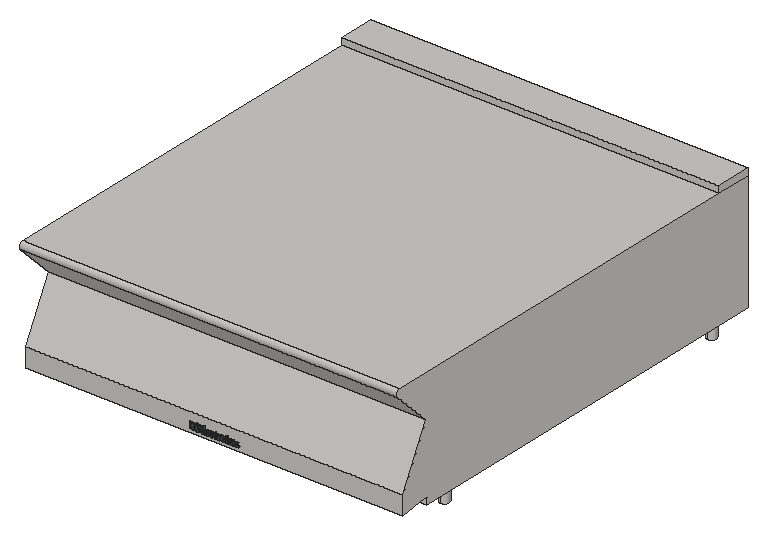
Revit family "QF_ELECTROLUXPROFESSIONAL_391547_E9SSAGAOMEE", category Specialty Equipment, Revit 2018
Family settings
  Round Connector Dimension = Use Diameter
  Part Type = Normal
  Work Plane-Based = No
  Always vertical = Yes
  Cut with Voids When Loaded = No
  Shared = No
  Room Calculation Point = No
Parameters (values of type "Standard")
  Weight = 32.00 kg
  Watts = 0 W
  Volts = 0 V
  URL Manufacturer = "http://professional.electrolux.com"
  URL = "http://professional.electrolux.com"
  Steam Supply Size = 0"
  Steam Supply Minimum Pressure = 0.00 psi
  Steam Supply Maximum Pressure = 0.00 psi
  Steam Pounds per Hour = 0
  Show Logo [instance] = yes
  Refrigeration Suction Line Size = 0 mm
  Refrigeration Liquid Line Size = 0 mm
  Refrigerant Compressor Remote = yes
  Phase = 0
  Model = "E9SSAGAOMEE"
  Manufacturer = "Electrolux Professional"
  Length Actual = 800 mm  # constant formula
  Item Number = "391547"
  Hot Water Size = 0"
  Height Actual = 250 mm  # constant formula
  HP = "0 HP"
  Gas Size = 0"
  Gas KW = 0
  Gas Input Pressure = 0.0 Btu/h
  Direct Waste Size = 0"
  Description = "WORKTOP 800 MM 3 MM WORKTOP"
  Depth Actual = 930 mm  # constant formula
  Cycle = 0 Hz
  Condensate Return Size = 0"
  Compressed Air Volume = 0 GPM
  Compressed Air Size = 0"
  Compressed Air Pressure = 0.00 psi
  Cold Water Size = 0"
  Accessory = yes
Reference planes
  plane 1 "BACK": y = 0
  plane 2: z = 0
  plane 3 "LEFT": x = 0
  plane 4 "RIGHT": x = 800
  plane 5 "FRONT": y = -930
  plane 6 "TOP": z = 274.638
  plane 7 "Center Y": x = 400
  plane 8 "Center X": y = -465
  plane 9: z = 24
  plane 10: z = 289
  plane 11: y = -82
  plane 12: y = -790
Forms (mm)
  Extrusion 1, solid, material "QF_Finishes_Stainless Steel"
    sketch origin (0, 0, 0) x (0, 1, 0) y (0, 0, 1)
      loop
        line (0, 24) -> (0, 274.637) -> (-921.37, 274.638)
        arc (-921.37, 274.638) -> (-929.343, 269.31) -> (-927.472, 259.906) r 8.63
        line (-927.472, 259.906) -> (-853.91, 186.343) -> (-914.833, 70.673) -> (-914.833, 30.491) -> (-855.71, 38.8)
        arc (-855.71, 38.8) -> (-853.185, 38.052) -> (-852.093, 35.656) r 3.175
        line (-852.093, 35.656) -> (-852.093, 24) -> (0, 24)
    from 0 to 800
  Extrusion 2, solid, material "QF_Finishes_Stainless Steel"
    sketch origin (0, -199.871, 0) x (1, 0, 0) y (0, 1, 0)
      loop
        circle (11.112, 117.871) r 9.525
      loop
        circle (788.888, 117.871) r 9.525
      loop
        circle (11.112, -590.129) r 9.525
      loop
        circle (788.888, -590.129) r 9.525
    from 0 to 23.812
  Extrusion 3, solid, material "QF_Finishes_Stainless Steel"
    sketch origin (0, -199.871, 0) x (0, 1, 0) y (0, 0, 1)
      loop
        line (199.871, 274.638) -> (199.871, 289) -> (123.671, 289) -> (123.671, 274.638) -> (199.871, 274.638)
    from 0 to 800
  Extrusion 4, solid, material "QF_Finishes_Navy Blue", visible <- "Show Logo"
    sketch origin (0, -914.833, 30.491) x (0, 0, 1) y (-1, 0, 0)
      loop
        line (21.086, -357.439) -> (8.72, -357.439)
        arc (8.72, -357.439) -> (14.903, -362.01) -> (21.086, -357.439) r 6.467
      loop
        arc (21.086, -356.81) -> (19.917, -351.667) -> (15.261, -349.189) r 6.338
        line (15.261, -349.189) -> (15.261, -351.235)
        arc (15.261, -351.235) -> (16.745, -354.89) -> (20.191, -356.81) r 5.941
        line (20.191, -356.81) -> (21.086, -356.81)
      loop
        arc (9.615, -356.81) -> (13.061, -354.89) -> (14.544, -351.235) r 5.941
        line (14.544, -351.235) -> (14.544, -349.189)
        arc (14.544, -349.189) -> (9.85, -351.663) -> (8.561, -356.81) r 6.504
        line (8.561, -356.81) -> (9.615, -356.81)
      loop
        line (21.761, -348.72) -> (8.017, -348.72) -> (8.017, -362.483) -> (21.761, -362.483) -> (21.761, -348.72)
      loop
        arc (21.845, -365.45) -> (21.497, -365.093) -> (21.13, -365.431) r 0.358
        arc (21.13, -365.431) -> (20.816, -366.181) -> (20.099, -366.566) r 1.216
        line (20.099, -366.566) -> (9.686, -366.566)
        arc (9.686, -366.566) -> (9.026, -366.288) -> (8.63, -365.692) r 1.238
        arc (8.63, -365.692) -> (8.236, -365.441) -> (7.93, -365.795) r 0.358
        line (7.93, -365.795) -> (7.93, -375.674) -> (10.681, -375.674) -> (10.681, -374.777)
        arc (10.681, -374.777) -> (9.772, -374.197) -> (9.316, -373.22) r 1.928
        line (9.316, -373.22) -> (9.316, -370.721)
        arc (9.316, -370.721) -> (9.592, -369.992) -> (10.281, -369.628) r 1.101
        line (10.281, -369.628) -> (14.367, -369.628) -> (14.367, -373.301)
        arc (14.367, -373.301) -> (14.014, -373.798) -> (13.449, -374.026) r 1.083
        arc (13.449, -374.026) -> (13.186, -374.332) -> (13.478, -374.61) r 0.292
        line (13.478, -374.61) -> (16.44, -374.61)
        arc (16.44, -374.61) -> (16.743, -374.337) -> (16.504, -374.007) r 0.305
        arc (16.504, -374.007) -> (16.014, -373.759) -> (15.709, -373.301) r 1.083
        line (15.709, -373.301) -> (15.709, -369.628) -> (20.386, -369.628) -> (20.386, -373.375)
        arc (20.386, -373.375) -> (20.172, -374.131) -> (19.565, -374.629) r 1.314
        arc (19.565, -374.629) -> (19.346, -375.033) -> (19.7, -375.325) r 0.361
        line (19.7, -375.325) -> (21.845, -375.325) -> (21.845, -365.45)
      loop
        arc (21.127, -376.106) -> (20.747, -377.024) -> (19.828, -377.405) r 1.299
        line (19.828, -377.405) -> (10.249, -377.405)
        arc (10.249, -377.405) -> (9.412, -377.027) -> (9.14, -376.149) r 1.118
        line (9.14, -376.149) -> (7.93, -376.149) -> (7.93, -381.499) -> (9.119, -381.499)
        arc (9.119, -381.499) -> (9.39, -380.582) -> (10.26, -380.186) r 1.153
        line (10.26, -380.186) -> (22.332, -380.186) -> (21.127, -376.106)
      loop
        line (12.895, -384.135) -> (12.895, -390.582) -> (13.694, -390.582)
        arc (13.694, -390.582) -> (16.275, -389.598) -> (17.543, -387.144) r 3.874
        line (17.543, -387.144) -> (17.543, -385.384)
        arc (17.543, -385.384) -> (16.357, -382.519) -> (13.492, -381.333) r 4.051
        line (13.492, -381.333) -> (11.484, -381.333)
        arc (11.484, -381.333) -> (8.666, -382.818) -> (7.614, -385.825) r 4.352
        arc (7.614, -385.825) -> (7.978, -388.288) -> (9.356, -390.362) r 5.713
        line (9.356, -390.362) -> (10.305, -390.362)
        arc (10.305, -390.362) -> (9.572, -388.793) -> (9.356, -387.075) r 5.579
        arc (9.356, -387.075) -> (10.15, -385.112) -> (12.029, -384.135) r 3.057
        line (12.029, -384.135) -> (12.895, -384.135)
      loop
        line (14.154, -384.135) -> (14.154, -387.717)
        arc (14.154, -387.717) -> (15.611, -387.764) -> (16.494, -386.605) r 1.59
        line (16.494, -386.605) -> (16.494, -385.775)
        arc (16.494, -385.775) -> (15.63, -384.52) -> (14.154, -384.135) r 2.184
      loop
        arc (16.945, -400) -> (17.434, -398.326) -> (17.592, -396.589) r 9.023
        line (17.592, -396.589) -> (17.592, -395.226)
        arc (17.592, -395.226) -> (16.432, -392.427) -> (13.633, -391.267) r 3.959
        line (13.633, -391.267) -> (11.032, -391.267)
        arc (11.032, -391.267) -> (8.751, -392.56) -> (7.633, -394.933) r 4.331
        line (7.633, -394.933) -> (7.633, -397.068)
        arc (7.633, -397.068) -> (8.141, -398.618) -> (9.063, -399.964) r 5.772
        arc (9.063, -399.964) -> (9.825, -400.015) -> (9.911, -399.256) r 0.553
        arc (9.911, -399.256) -> (9.523, -398.522) -> (9.389, -397.703) r 2.573
        line (9.389, -397.703) -> (9.389, -396.188)
        arc (9.389, -396.188) -> (10.395, -394.546) -> (12.21, -393.904) r 2.884
        line (12.21, -393.904) -> (13.489, -393.904)
        arc (13.489, -393.904) -> (15.31, -394.464) -> (16.236, -396.129) r 2.554
        line (16.236, -396.129) -> (16.236, -397.182)
        arc (16.236, -397.182) -> (15.905, -398.11) -> (15.248, -398.845) r 2.564
        arc (15.248, -398.845) -> (15.026, -399.562) -> (15.636, -400) r 0.643
        line (15.636, -400) -> (16.945, -400)
      loop
        line (15.927, -400.27) -> (15.927, -401.771) -> (9.879, -401.771)
        arc (9.879, -401.771) -> (8.291, -402.429) -> (7.633, -404.017) r 2.246
        line (7.633, -404.017) -> (7.633, -405.601)
        arc (7.633, -405.601) -> (7.947, -406.465) -> (8.448, -407.237) r 4.06
        arc (8.448, -407.237) -> (9.18, -407.37) -> (9.431, -406.669) r 0.576
        arc (9.431, -406.669) -> (9.325, -406.143) -> (9.389, -405.611) r 1.69
        arc (9.389, -405.611) -> (9.931, -404.823) -> (10.837, -404.52) r 1.506
        line (10.837, -404.52) -> (15.975, -404.52) -> (15.975, -406.917) -> (16.532, -407.473) -> (17.353, -407.473) -> (17.353, -404.614) -> (20.585, -404.614) -> (15.927, -400.27)
      loop
        line (7.851, -408.371) -> (7.851, -413.758) -> (8.961, -413.758)
        arc (8.961, -413.758) -> (9.355, -412.807) -> (10.306, -412.413) r 1.345
        line (10.306, -412.413) -> (13.922, -412.413)
        arc (13.922, -412.413) -> (14.686, -413.005) -> (14.976, -413.927) r 1.615
        line (14.976, -413.927) -> (14.976, -415.483) -> (17.532, -416.168) -> (17.532, -414.785) -> (15.589, -412.226) -> (17.469, -412.226) -> (17.185, -409.52)
        arc (17.185, -409.52) -> (16.745, -408.99) -> (16.087, -409.191) r 0.621
        arc (16.087, -409.191) -> (15.686, -409.533) -> (15.192, -409.716) r 1.501
        line (15.192, -409.716) -> (10.306, -409.716)
        arc (10.306, -409.716) -> (9.355, -409.322) -> (8.961, -408.371) r 1.345
        line (8.961, -408.371) -> (7.851, -408.371)
      loop
        line (13.952, -415.705) -> (11.26, -415.705)
        arc (11.26, -415.705) -> (8.815, -417.013) -> (7.681, -419.543) r 4.288
        arc (7.681, -419.543) -> (7.617, -420.924) -> (7.681, -422.304) r 15.022
        arc (7.681, -422.304) -> (8.815, -424.835) -> (11.26, -426.142) r 4.288
        line (11.26, -426.142) -> (13.952, -426.142)
        arc (13.952, -426.142) -> (16.398, -424.835) -> (17.532, -422.304) r 4.288
        arc (17.532, -422.304) -> (17.595, -420.924) -> (17.532, -419.543) r 15.022
        arc (17.532, -419.543) -> (16.398, -417.013) -> (13.952, -415.705) r 4.288
      loop
        line (14.157, -418.819) -> (11.056, -418.819)
        arc (11.056, -418.819) -> (8.899, -420.976) -> (11.056, -423.133) r 2.157
        line (11.056, -423.133) -> (14.157, -423.133)
        arc (14.157, -423.133) -> (16.314, -420.976) -> (14.157, -418.819) r 2.157
      loop
        arc (21.138, -426) -> (20.768, -426.894) -> (19.874, -427.265) r 1.264
        line (19.874, -427.265) -> (10.009, -427.265)
        arc (10.009, -427.265) -> (9.139, -426.868) -> (8.868, -425.952) r 1.153
        line (8.868, -425.952) -> (7.93, -425.952) -> (7.93, -431.06) -> (8.858, -431.06)
        arc (8.858, -431.06) -> (9.218, -430.288) -> (10.009, -429.973) r 1.153
        line (10.009, -429.973) -> (22.332, -429.973) -> (21.138, -426)
      loop
        arc (16.258, -430.597) -> (16.059, -431.662) -> (15.09, -432.144) r 1.215
        line (15.09, -432.144) -> (10.07, -432.144)
        arc (10.07, -432.144) -> (8.455, -432.791) -> (7.735, -434.374) r 2.338
        line (7.735, -434.374) -> (7.735, -435.889)
        arc (7.735, -435.889) -> (7.909, -436.893) -> (8.412, -437.779) r 2.979
        line (8.412, -437.779) -> (7.93, -439.576) -> (7.93, -441.264) -> (17.356, -441.264) -> (17.062, -437.061) -> (16.275, -437.061)
        arc (16.275, -437.061) -> (15.92, -437.897) -> (15.167, -438.406) r 1.605
        line (15.167, -438.406) -> (10.064, -438.406)
        arc (10.064, -438.406) -> (9.644, -437.469) -> (9.571, -436.445) r 2.94
        arc (9.571, -436.445) -> (10.132, -435.344) -> (11.286, -434.901) r 1.724
        line (11.286, -434.901) -> (17.482, -434.901) -> (16.258, -430.597)
      loop
        line (17.287, -442.118) -> (15.614, -444.164) -> (12.44, -446.47) -> (8.984, -443.358)
        arc (8.984, -443.358) -> (8.747, -442.964) -> (8.769, -442.505) r 0.789
        line (8.769, -442.505) -> (7.93, -442.505) -> (7.93, -446.05) -> (8.756, -446.05)
        arc (8.756, -446.05) -> (9.099, -445.688) -> (9.589, -445.78) r 0.52
        line (9.589, -445.78) -> (11.389, -447.251) -> (9.27, -448.626)
        arc (9.27, -448.626) -> (8.869, -448.316) -> (8.782, -447.817) r 0.7
        line (8.782, -447.817) -> (7.93, -447.817) -> (7.93, -453.744) -> (8.817, -453.744)
        arc (8.817, -453.744) -> (8.884, -453.085) -> (9.279, -452.553) r 1.247
        line (9.279, -452.553) -> (13.478, -449.272) -> (15.925, -451.326) -> (17.287, -453.068) -> (17.287, -449.344) -> (15.801, -449.767) -> (14.28, -448.49) -> (15.98, -447.3) -> (17.287, -448.076) -> (17.287, -442.118)
    from 0 to 1.644
Lines and regions (mm)
  symbolic lines
    curve 1: line (0, -930, 0) -> (800, -930, 0)
    curve 2: line (0, 0, 0) -> (0, -930, 0)
    curve 3: line (800, 0, 0) -> (0, 0, 0)
    curve 4: line (800, -930, 0) -> (800, 0, 0)
    curve 5: line (0, -76.2, 0) -> (800, -76.2, 0)
    curve 6: line (0, -923.65, 0) -> (800, -923.65, 0)
Dimensions and locks
  equal spacing: plane 3 "LEFT", plane 7 "Center Y", plane 4 "RIGHT"
  plane 3 "LEFT" to plane 4 "RIGHT" = 800 mm
  equal spacing: plane 5 "FRONT", plane 8 "Center X", plane 1 "BACK"
  plane 5 "FRONT" to plane 1 "BACK" = 930 mm
  plane 10 to level = 289 mm
  plane 9 to level = 24 mm
  Extrusion 1 to plane 9 = 250.637 mm
  plane 9 to plane 2 = 24 mm
  plane 11 to plane 1 "BACK" = 82 mm
  plane 12 to plane 11 = 708 mm
  Extrusion 1 to plane 12 = 124.833 mm
  Extrusion 1 to plane 1 "BACK" = 914.833 mm
  aligned and locked: level to plane 2
  aligned and locked: Extrusion 3 to Extrusion 1
Automatic sketch dimensions
  curve 5 to plane 3 "LEFT" = 0 mm
  plane 1 "BACK" to curve 2 = 0 mm
  curve 6 to plane 4 "RIGHT" = 0 mm
  curve 5 to curve 3 = 76.2 mm
  curve 6 to plane 5 "FRONT" = 6.35 mm
  curve 2 to curve 6 = 6.35 mm
  Extrusion 2 sketch curve to Extrusion 2 sketch curve = 0 mm  (x8)
  plane 3 "LEFT" to Extrusion 2 sketch curve = 11.112 mm  (x2)
  Extrusion 2 sketch curve to plane 4 "RIGHT" = 11.112 mm  (x2)
  Extrusion 2 sketch curve to plane 8 "Center X" = 334.525 mm  (x2)
  Extrusion 2 sketch curve to Extrusion 2 sketch curve = 9.525 mm  (x4)
  plane 1 "BACK" to Extrusion 2 sketch curve = 91.525 mm  (x2)
  Extrusion 3 sketch curve to plane 6 "TOP" = 0 mm
  plane 1 "BACK" to Extrusion 3 sketch curve = 0 mm
  Extrusion 3 sketch curve to plane 10 = 0 mm
  plane 1 "BACK" to Extrusion 3 sketch curve = 76.2 mm
  Extrusion 1 sketch curve to plane 6 "TOP" = 0 mm
  Extrusion 1 sketch curve to plane 9 = 0 mm
  Extrusion 1 sketch curve to plane 1 "BACK" = 0 mm
  plane 9 to Extrusion 1 sketch curve = 11.656 mm
  Extrusion 1 sketch curve to plane 12 = 62.093 mm
  Extrusion 1 sketch curve to plane 12 = 63.91 mm
  Extrusion 1 sketch curve to Extrusion 1 sketch curve = 3.175 mm
  Extrusion 1 sketch curve to Extrusion 1 sketch curve = 0.442 mm
  Extrusion 1 sketch curve to plane 5 "FRONT" = 15.167 mm
  Extrusion 1 sketch curve to plane 5 "FRONT" = 8.63 mm
  Extrusion 1 sketch curve to plane 5 "FRONT" = 2.528 mm
  plane 9 to Extrusion 1 sketch curve = 6.491 mm
  Extrusion 1 sketch curve to Extrusion 1 sketch curve = 40.183 mm
  Extrusion 1 sketch curve to plane 6 "TOP" = 88.295 mm
  Extrusion 1 sketch curve to plane 6 "TOP" = 14.732 mm
  Extrusion 4 sketch curve to plane 7 "Center Y" = 0 mm
  plane 9 to Extrusion 4 sketch curve = 9.063 mm
  plane 9 to Extrusion 4 sketch curve = 14.104 mm
  plane 7 "Center Y" to Extrusion 4 sketch curve = 5.601 mm
  plane 9 to Extrusion 4 sketch curve = 14.124 mm
  Extrusion 4 sketch curve to Extrusion 4 sketch curve = 0 mm  (x28)
  Extrusion 4 sketch curve to Extrusion 4 sketch curve = 5.108 mm  (x2)
  Extrusion 4 sketch curve to Extrusion 4 sketch curve = 0.054 mm
  Extrusion 4 sketch curve to Extrusion 4 sketch curve = 0.218 mm
  Extrusion 4 sketch curve to Extrusion 4 sketch curve = 0.195 mm
  Extrusion 4 sketch curve to Extrusion 4 sketch curve = 0.249 mm
  plane 9 to Extrusion 4 sketch curve = 14.421 mm
  Extrusion 4 sketch curve to Extrusion 4 sketch curve = 0.087 mm
  Extrusion 4 sketch curve to Extrusion 4 sketch curve = 0.358 mm
  Extrusion 4 sketch curve to Extrusion 4 sketch curve = 0.481 mm
  Extrusion 4 sketch curve to Extrusion 4 sketch curve = 0.597 mm
  Extrusion 4 sketch curve to Extrusion 4 sketch curve = 0.544 mm
  Extrusion 4 sketch curve to Extrusion 4 sketch curve = 0.936 mm
  Extrusion 4 sketch curve to Extrusion 4 sketch curve = 0.594 mm
  Extrusion 4 sketch curve to Extrusion 4 sketch curve = 0.343 mm
  Extrusion 4 sketch curve to Extrusion 4 sketch curve = 0.159 mm
  Extrusion 4 sketch curve to Extrusion 4 sketch curve = 0.826 mm
  Extrusion 4 sketch curve to Extrusion 4 sketch curve = 0.839 mm
  Extrusion 4 sketch curve to Extrusion 4 sketch curve = 0.852 mm
  Extrusion 4 sketch curve to Extrusion 4 sketch curve = 0.887 mm
  Extrusion 4 sketch curve to Extrusion 4 sketch curve = 0.928 mm
  Extrusion 4 sketch curve to Extrusion 4 sketch curve = 0.938 mm
  Extrusion 4 sketch curve to Extrusion 4 sketch curve = 0.444 mm
  Extrusion 4 sketch curve to Extrusion 4 sketch curve = 1.11 mm  (x3)
  Extrusion 4 sketch curve to Extrusion 4 sketch curve = 0.215 mm
  Extrusion 4 sketch curve to plane 7 "Center Y" = 0.036 mm
  Extrusion 4 sketch curve to Extrusion 4 sketch curve = 1.43 mm
  Extrusion 4 sketch curve to Extrusion 4 sketch curve = 1.188 mm
  Extrusion 4 sketch curve to Extrusion 4 sketch curve = 1.21 mm  (x2)
  Extrusion 4 sketch curve to Extrusion 4 sketch curve = 0.503 mm
  Extrusion 4 sketch curve to Extrusion 4 sketch curve = 0.488 mm
  Extrusion 4 sketch curve to Extrusion 4 sketch curve = 0.462 mm
  Extrusion 4 sketch curve to Extrusion 4 sketch curve = 1.386 mm
  Extrusion 4 sketch curve to Extrusion 4 sketch curve = 1.742 mm  (x2)
  Extrusion 4 sketch curve to Extrusion 4 sketch curve = 0.821 mm
  Extrusion 4 sketch curve to Extrusion 4 sketch curve = 0.497 mm
  Extrusion 4 sketch curve to Extrusion 4 sketch curve = 0.539 mm
  Extrusion 4 sketch curve to Extrusion 4 sketch curve = 0.686 mm
  Extrusion 4 sketch curve to plane 7 "Center Y" = 0.41 mm
  Extrusion 4 sketch curve to Extrusion 4 sketch curve = 0.408 mm
  Extrusion 4 sketch curve to Extrusion 4 sketch curve = 0.528 mm
  Extrusion 4 sketch curve to Extrusion 4 sketch curve = 1.16 mm
  Extrusion 4 sketch curve to Extrusion 4 sketch curve = 0.329 mm
  Extrusion 4 sketch curve to Extrusion 4 sketch curve = 1.054 mm
  Extrusion 4 sketch curve to Extrusion 4 sketch curve = 1.056 mm
  Extrusion 4 sketch curve to Extrusion 4 sketch curve = 1.185 mm
  Extrusion 4 sketch curve to Extrusion 4 sketch curve = 0.489 mm
  Extrusion 4 sketch curve to Extrusion 4 sketch curve = 0.441 mm
  Extrusion 4 sketch curve to Extrusion 4 sketch curve = 1.151 mm
  Extrusion 4 sketch curve to Extrusion 4 sketch curve = 1.141 mm  (x2)
  Extrusion 4 sketch curve to Extrusion 4 sketch curve = 0.768 mm
  Extrusion 4 sketch curve to Extrusion 4 sketch curve = 1.653 mm
  Extrusion 4 sketch curve to Extrusion 4 sketch curve = 0.499 mm
  Extrusion 4 sketch curve to Extrusion 4 sketch curve = 0.964 mm
  Extrusion 4 sketch curve to Extrusion 4 sketch curve = 0.949 mm
  Extrusion 4 sketch curve to Extrusion 4 sketch curve = 1.345 mm  (x2)
  Extrusion 4 sketch curve to Extrusion 4 sketch curve = 1.101 mm
  Extrusion 4 sketch curve to Extrusion 4 sketch curve = 0.432 mm
  Extrusion 4 sketch curve to Extrusion 4 sketch curve = 1.142 mm
  Extrusion 4 sketch curve to Extrusion 4 sketch curve = 0.959 mm
  Extrusion 4 sketch curve to Extrusion 4 sketch curve = 0.176 mm
  Extrusion 4 sketch curve to Extrusion 4 sketch curve = 0.728 mm
  Extrusion 4 sketch curve to Extrusion 4 sketch curve = 3.375 mm  (x2)
  Extrusion 4 sketch curve to Extrusion 4 sketch curve = 1.905 mm
  Extrusion 4 sketch curve to Extrusion 4 sketch curve = 0.955 mm
  Extrusion 4 sketch curve to Extrusion 4 sketch curve = 1.251 mm
  Extrusion 4 sketch curve to Extrusion 4 sketch curve = 0.572 mm
  Extrusion 4 sketch curve to Extrusion 4 sketch curve = 1.92 mm
  Extrusion 4 sketch curve to Extrusion 4 sketch curve = 1.224 mm
  Extrusion 4 sketch curve to Extrusion 4 sketch curve = 0.745 mm
  Extrusion 4 sketch curve to Extrusion 4 sketch curve = 0.036 mm
  Extrusion 4 sketch curve to Extrusion 4 sketch curve = 0.896 mm  (x3)
  Extrusion 4 sketch curve to Extrusion 4 sketch curve = 2.607 mm
  Extrusion 4 sketch curve to Extrusion 4 sketch curve = 0.066 mm
  Extrusion 4 sketch curve to Extrusion 4 sketch curve = 0.248 mm
  Extrusion 4 sketch curve to Extrusion 4 sketch curve = 0.449 mm
  Extrusion 4 sketch curve to Extrusion 4 sketch curve = 1.052 mm
  Extrusion 4 sketch curve to Extrusion 4 sketch curve = 1.863 mm
  Extrusion 4 sketch curve to Extrusion 4 sketch curve = 1.31 mm  (x2)
  Extrusion 4 sketch curve to Extrusion 4 sketch curve = 0.901 mm
  Extrusion 4 sketch curve to Extrusion 4 sketch curve = 1.107 mm
  Extrusion 4 sketch curve to Extrusion 4 sketch curve = 2.122 mm
  Extrusion 4 sketch curve to Extrusion 4 sketch curve = 2.101 mm
  Extrusion 4 sketch curve to Extrusion 4 sketch curve = 0.106 mm
  Extrusion 4 sketch curve to Extrusion 4 sketch curve = 0.029 mm
  Extrusion 4 sketch curve to Extrusion 4 sketch curve = 2.09 mm
  Extrusion 4 sketch curve to Extrusion 4 sketch curve = 1.279 mm
  Extrusion 4 sketch curve to Extrusion 4 sketch curve = 2.008 mm
  Extrusion 4 sketch curve to Extrusion 4 sketch curve = 0.738 mm
  Extrusion 4 sketch curve to Extrusion 4 sketch curve = 0.382 mm
  Extrusion 4 sketch curve to Extrusion 4 sketch curve = 0.384 mm
  Extrusion 4 sketch curve to Extrusion 4 sketch curve = 0.002 mm
  Extrusion 4 sketch curve to Extrusion 4 sketch curve = 0.561 mm
  Extrusion 4 sketch curve to Extrusion 4 sketch curve = 0.592 mm
  Extrusion 4 sketch curve to Extrusion 4 sketch curve = 2.692 mm
  Extrusion 4 sketch curve to Extrusion 4 sketch curve = 1.259 mm
  Extrusion 4 sketch curve to Extrusion 4 sketch curve = 0.802 mm
  Extrusion 4 sketch curve to Extrusion 4 sketch curve = 1.024 mm  (x2)
  Extrusion 4 sketch curve to Extrusion 4 sketch curve = 0.682 mm
  Extrusion 4 sketch curve to Extrusion 4 sketch curve = 5.934 mm
  Extrusion 4 sketch curve to Extrusion 4 sketch curve = 2.186 mm
  Extrusion 4 sketch curve to Extrusion 4 sketch curve = 0.337 mm
  Extrusion 4 sketch curve to Extrusion 4 sketch curve = 0.021 mm
  Extrusion 4 sketch curve to Extrusion 4 sketch curve = 1.005 mm
  Extrusion 4 sketch curve to Extrusion 4 sketch curve = 0.552 mm
  Extrusion 4 sketch curve to Extrusion 4 sketch curve = 0.778 mm
  Extrusion 4 sketch curve to Extrusion 4 sketch curve = 0.063 mm
  Extrusion 4 sketch curve to Extrusion 4 sketch curve = 1.023 mm
  Extrusion 4 sketch curve to Extrusion 4 sketch curve = 3.804 mm
  Extrusion 4 sketch curve to Extrusion 4 sketch curve = 0.486 mm
  Extrusion 4 sketch curve to Extrusion 4 sketch curve = 0.266 mm  (x2)
  Extrusion 4 sketch curve to plane 7 "Center Y" = 1.155 mm
  Extrusion 4 sketch curve to Extrusion 4 sketch curve = 1.547 mm
  Extrusion 4 sketch curve to Extrusion 4 sketch curve = 0.717 mm  (x2)
  Extrusion 4 sketch curve to Extrusion 4 sketch curve = 1.667 mm
  Extrusion 4 sketch curve to Extrusion 4 sketch curve = 3.174 mm
  Extrusion 4 sketch curve to Extrusion 4 sketch curve = 0.388 mm
  Extrusion 4 sketch curve to Extrusion 4 sketch curve = 1.342 mm
  Extrusion 4 sketch curve to Extrusion 4 sketch curve = 1.521 mm
  Extrusion 4 sketch curve to Extrusion 4 sketch curve = 0.124 mm
  Extrusion 4 sketch curve to Extrusion 4 sketch curve = 0.291 mm
  plane 7 "Center Y" to Extrusion 4 sketch curve = 6.917 mm
  Extrusion 4 sketch curve to Extrusion 4 sketch curve = 1.049 mm  (x2)
  Extrusion 4 sketch curve to Extrusion 4 sketch curve = 1.7 mm
  Extrusion 4 sketch curve to Extrusion 4 sketch curve = 0.894 mm
  Extrusion 4 sketch curve to Extrusion 4 sketch curve = 0.989 mm
  Extrusion 4 sketch curve to Extrusion 4 sketch curve = 1.168 mm
  Extrusion 4 sketch curve to Extrusion 4 sketch curve = 1.594 mm
  Extrusion 4 sketch curve to Extrusion 4 sketch curve = 0.731 mm
  Extrusion 4 sketch curve to Extrusion 4 sketch curve = 1.566 mm
  Extrusion 4 sketch curve to Extrusion 4 sketch curve = 0.064 mm
  plane 7 "Center Y" to Extrusion 4 sketch curve = 7.473 mm
  Extrusion 4 sketch curve to Extrusion 4 sketch curve = 0.556 mm  (x2)
  Extrusion 4 sketch curve to Extrusion 4 sketch curve = 0.48 mm
  Extrusion 4 sketch curve to Extrusion 4 sketch curve = 1.018 mm
  Extrusion 4 sketch curve to Extrusion 4 sketch curve = 0.787 mm
  Extrusion 4 sketch curve to Extrusion 4 sketch curve = 0.618 mm
  Extrusion 4 sketch curve to Extrusion 4 sketch curve = 1.672 mm
  Extrusion 4 sketch curve to Extrusion 4 sketch curve = 1.361 mm
  Extrusion 4 sketch curve to Extrusion 4 sketch curve = 0.822 mm
  Extrusion 4 sketch curve to Extrusion 4 sketch curve = 0.069 mm
  Extrusion 4 sketch curve to Extrusion 4 sketch curve = 1.88 mm
  Extrusion 4 sketch curve to Extrusion 4 sketch curve = 0.42 mm
  Extrusion 4 sketch curve to Extrusion 4 sketch curve = 0.062 mm
  Extrusion 4 sketch curve to Extrusion 4 sketch curve = 1.355 mm
  Extrusion 4 sketch curve to Extrusion 4 sketch curve = 2.34 mm
  Extrusion 4 sketch curve to Extrusion 4 sketch curve = 0.493 mm
  Extrusion 4 sketch curve to Extrusion 4 sketch curve = 0.136 mm
  Extrusion 4 sketch curve to Extrusion 4 sketch curve = 0.128 mm
  Extrusion 4 sketch curve to Extrusion 4 sketch curve = 3.616 mm
  Extrusion 4 sketch curve to Extrusion 4 sketch curve = 4.207 mm
  Extrusion 4 sketch curve to Extrusion 4 sketch curve = 0.183 mm
  Extrusion 4 sketch curve to Extrusion 4 sketch curve = 0.895 mm
  Extrusion 4 sketch curve to Extrusion 4 sketch curve = 1.314 mm
  Extrusion 4 sketch curve to Extrusion 4 sketch curve = 3.231 mm
  Extrusion 4 sketch curve to Extrusion 4 sketch curve = 1.299 mm
  Extrusion 4 sketch curve to Extrusion 4 sketch curve = 1.214 mm
  Extrusion 4 sketch curve to Extrusion 4 sketch curve = 1.264 mm
  Extrusion 4 sketch curve to Extrusion 4 sketch curve = 0.109 mm
  Extrusion 4 sketch curve to Extrusion 4 sketch curve = 0.357 mm
  Extrusion 4 sketch curve to Extrusion 4 sketch curve = 0.565 mm
  Extrusion 4 sketch curve to Extrusion 4 sketch curve = 2.504 mm
  Extrusion 4 sketch curve to Extrusion 4 sketch curve = 2.459 mm
  Extrusion 4 sketch curve to Extrusion 4 sketch curve = 1.322 mm
  Extrusion 4 sketch curve to Extrusion 4 sketch curve = 2.77 mm
  Extrusion 4 sketch curve to Extrusion 4 sketch curve = 2.51 mm
  Extrusion 4 sketch curve to Extrusion 4 sketch curve = 0.187 mm
  Extrusion 4 sketch curve to Extrusion 4 sketch curve = 2.559 mm
  Extrusion 4 sketch curve to Extrusion 4 sketch curve = 1.556 mm
  Extrusion 4 sketch curve to Extrusion 4 sketch curve = 0.222 mm
  Extrusion 4 sketch curve to Extrusion 4 sketch curve = 1.383 mm
  Extrusion 4 sketch curve to Extrusion 4 sketch curve = 3.114 mm
  Extrusion 4 sketch curve to Extrusion 4 sketch curve = 3.376 mm
  Extrusion 4 sketch curve to Extrusion 4 sketch curve = 0.934 mm
  Extrusion 4 sketch curve to Extrusion 4 sketch curve = 0.191 mm
  Extrusion 4 sketch curve to Extrusion 4 sketch curve = 3.696 mm
  Extrusion 4 sketch curve to Extrusion 4 sketch curve = 2.708 mm
  Extrusion 4 sketch curve to Extrusion 4 sketch curve = 3.333 mm
  Extrusion 4 sketch curve to Extrusion 4 sketch curve = 0.332 mm
  Extrusion 4 sketch curve to Extrusion 4 sketch curve = 1.087 mm
  Extrusion 4 sketch curve to Extrusion 4 sketch curve = 2.23 mm
  Extrusion 4 sketch curve to Extrusion 4 sketch curve = 2.757 mm
  Extrusion 4 sketch curve to Extrusion 4 sketch curve = 0.987 mm
  Extrusion 4 sketch curve to Extrusion 4 sketch curve = 1.529 mm
  Extrusion 4 sketch curve to Extrusion 4 sketch curve = 1.796 mm
  Extrusion 4 sketch curve to Extrusion 4 sketch curve = 2.859 mm
  Extrusion 4 sketch curve to Extrusion 4 sketch curve = 0.853 mm
  Extrusion 4 sketch curve to Extrusion 4 sketch curve = 1.241 mm
  Extrusion 4 sketch curve to Extrusion 4 sketch curve = 2.046 mm  (x2)
  Extrusion 4 sketch curve to Extrusion 4 sketch curve = 2.422 mm
  Extrusion 4 sketch curve to Extrusion 4 sketch curve = 0.27 mm
  Extrusion 4 sketch curve to Extrusion 4 sketch curve = 0.69 mm
  Extrusion 4 sketch curve to Extrusion 4 sketch curve = 0.781 mm  (x2)
  Extrusion 4 sketch curve to Extrusion 4 sketch curve = 3.136 mm
  Extrusion 4 sketch curve to Extrusion 4 sketch curve = 1.767 mm
  Extrusion 4 sketch curve to Extrusion 4 sketch curve = 0.138 mm
  Extrusion 4 sketch curve to Extrusion 4 sketch curve = 0.777 mm
  Extrusion 4 sketch curve to Extrusion 4 sketch curve = 1.19 mm
  Extrusion 4 sketch curve to Extrusion 4 sketch curve = 0.782 mm
  Extrusion 4 sketch curve to Extrusion 4 sketch curve = 1.268 mm
  Extrusion 4 sketch curve to Extrusion 4 sketch curve = 0.422 mm  (x2)
  Extrusion 4 sketch curve to Extrusion 4 sketch curve = 1.559 mm
  Extrusion 4 sketch curve to Extrusion 4 sketch curve = 3.927 mm
  Extrusion 4 sketch curve to Extrusion 4 sketch curve = 0.983 mm
  Extrusion 4 sketch curve to Extrusion 4 sketch curve = 1.134 mm
  Extrusion 4 sketch curve to Extrusion 4 sketch curve = 0.094 mm
  Extrusion 4 sketch curve to Extrusion 4 sketch curve = 1.584 mm
  plane 7 "Center Y" to Extrusion 4 sketch curve = 0.27 mm
  Extrusion 4 sketch curve to Extrusion 4 sketch curve = 0.916 mm
  Extrusion 4 sketch curve to Extrusion 4 sketch curve = 0.352 mm
  Extrusion 4 sketch curve to Extrusion 4 sketch curve = 0.458 mm
  Extrusion 4 sketch curve to Extrusion 4 sketch curve = 1.282 mm
  Extrusion 4 sketch curve to Extrusion 4 sketch curve = 1.363 mm
  Extrusion 4 sketch curve to Extrusion 4 sketch curve = 0.685 mm
  Extrusion 4 sketch curve to Extrusion 4 sketch curve = 0.905 mm
  Extrusion 4 sketch curve to Extrusion 4 sketch curve = 2.865 mm
  Extrusion 4 sketch curve to Extrusion 4 sketch curve = 0.472 mm
  Extrusion 4 sketch curve to Extrusion 4 sketch curve = 0.101 mm
  Extrusion 4 sketch curve to Extrusion 4 sketch curve = 0.54 mm
  Extrusion 4 sketch curve to Extrusion 4 sketch curve = 0.02 mm
  Extrusion 4 sketch curve to Extrusion 4 sketch curve = 0.468 mm
  Extrusion 4 sketch curve to Extrusion 4 sketch curve = 0.829 mm
  Extrusion 4 sketch curve to Extrusion 4 sketch curve = 0.582 mm
  Extrusion 4 sketch curve to Extrusion 4 sketch curve = 0.166 mm
  Extrusion 4 sketch curve to Extrusion 4 sketch curve = 0.16 mm
  Extrusion 4 sketch curve to Extrusion 4 sketch curve = 2.781 mm
  Extrusion 4 sketch curve to Extrusion 4 sketch curve = 1.118 mm
  Extrusion 4 sketch curve to Extrusion 4 sketch curve = 0.613 mm
  Extrusion 4 sketch curve to Extrusion 4 sketch curve = 0.361 mm
  Extrusion 4 sketch curve to Extrusion 4 sketch curve = 0.897 mm
  Extrusion 4 sketch curve to Extrusion 4 sketch curve = 0.167 mm
  Extrusion 4 sketch curve to Extrusion 4 sketch curve = 0.292 mm
  Extrusion 4 sketch curve to Extrusion 4 sketch curve = 0.305 mm
  Extrusion 4 sketch curve to Extrusion 4 sketch curve = 1.557 mm
  Extrusion 4 sketch curve to Extrusion 4 sketch curve = 2.499 mm
  Extrusion 4 sketch curve to Extrusion 4 sketch curve = 3.062 mm
  Extrusion 4 sketch curve to Extrusion 4 sketch curve = 2.968 mm
  Extrusion 4 sketch curve to Extrusion 4 sketch curve = 5.044 mm
  Extrusion 4 sketch curve to Extrusion 4 sketch curve = 0.629 mm  (x2)
  Extrusion 4 sketch curve to Extrusion 4 sketch curve = 1.131 mm
  Extrusion 4 sketch curve to Extrusion 4 sketch curve = 0.137 mm
  Extrusion 4 sketch curve to Extrusion 4 sketch curve = 0.027 mm
  Extrusion 4 sketch curve to Extrusion 4 sketch curve = 2.235 mm
